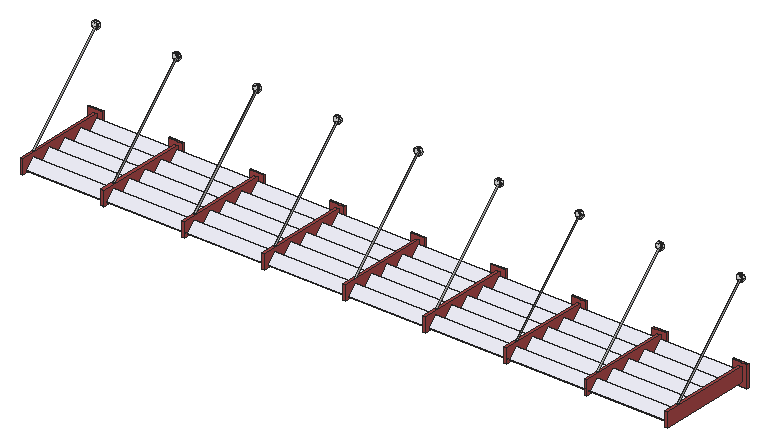
Revit family "rac_advanced_sample_family", category Generic Models, Revit 2019
Family settings
  Can host rebar = No
  Round Connector Dimension = Use Diameter
  Part Type = Normal
  Cut with Voids When Loaded = No
  Shared = No
  Room Calculation Point = No
Parameters (values of type "M_Solar_Shade_Complete")
  Window_Sill_Height [instance] = 1000 mm
  Support_Length [instance] = roundup((Shadow_Length / 1 mm) * tan(Rel_Angle)) * 1 mm  # 653 mm
  Support_Hanger [instance] = Support_Length > 400 mm  # yes
  Sun_Angle [instance] = 65.00°
  Shadow_Length [instance] = Mounting_Height - Window_Sill_Height  # 1400 mm
  Shade_Factor [instance] = if(Desired_Shading_Percent < 65, "Low", if(Desired_Shading_Percent < 79, "Med.", if(Desired_Shading_Percent < 99, "High", "Max.")))  # "Med."
  Rel_Angle [instance] = 90.00° - Sun_Angle  # 25.00°
  Number of Supports [instance] = ([built-in parameter 1001306] / Max_Support_Spacing) + 1  # 9
  Mounting_Height [instance] = 2400 mm
  Max_Support_Spacing [instance] = 600 mm
  Max Louver Spacing [instance] = Support_Length - (Support_Length * (Desired_Shading_Percent * 0.01))  # 163.25 mm
  Louver Number [instance] = (Support_Length / Max Louver Spacing) + 1  # 5
  built-in parameter 1001306 [instance] = 4500 mm
  Desired_Shading_Percent [instance] = 75
  Assembly Code = ""
Reference planes
  plane 1 "Center (Front/Back)": y = 0
  plane 2: z = 0
  plane 3 "Left": x = 0
  plane 4 "Right": x = 4500
  plane 5: z = 2400
  plane 6: y = -653
  plane 7: y = -603
  plane 8: y = -50
Lines and regions (mm)
  reference lines
    curve 1: line (0, 0, 0) -> (4500, 0, 0)
  symbolic lines, style "Overhead"
    curve 2: line (0, -653, 0) -> (4500, -653, 0)
Dimensions and locks
  "built-in parameter 1001306": plane 3 "Left" to plane 4 "Right"
  "Mounting_Height": plane 5 to level
  "Support_Length": plane 6 to plane 1 "Center (Front/Back)"
  equal spacing: group 1, group 3, group 4, group 5, group 6, group 9, group 10, group 11, group 2  (x3)
  locked: plane 6 to plane 7 at 50
  locked: plane 8 to plane 1 "Center (Front/Back)" at 50
  equal spacing: group 7, group 12, group 13, group 14, group 8  (x2)
  equal spacing: group 8, group 14, group 13, group 12, group 7
  aligned and locked: plane 4 "Right" to curve 1
  aligned and locked: plane 1 "Center (Front/Back)" to curve 1
  aligned and locked: plane 3 "Left" to curve 1
  aligned and locked: plane 1 "Center (Front/Back)" to nested 1
  aligned and locked: plane 3 "Left" to nested 1
  aligned and locked: plane 5 to nested 1
  aligned and locked: nested 2 to plane 4 "Right"
  aligned and locked: nested 2 to plane 5
  aligned and locked: plane 3 "Left" to nested 5
  aligned and locked: plane 5 to nested 5
  aligned and locked: nested 5 to plane 8
  aligned and locked: nested 8 to plane 7
  aligned and locked: plane 5 to nested 8
  aligned and locked: plane 3 "Left" to curve 2
  aligned and locked: curve 2 to plane 4 "Right"
  aligned and locked: curve 2 to plane 6
Nested families
  nested 1: "Support Beam" at (0, 0, 2400), Hanger_Visible <- "Support_Hanger", type "Hung Support"
    with Hanger_Visible yes, Support Length 653 mm
  nested 2: "Support Beam" at (4500, 0, 2400), Hanger_Visible <- "Support_Hanger", type "Hung Support"
    with Hanger_Visible yes, Support Length 653 mm
  nested 3: "Support Beam" at (562.5, 0, 2400), Hanger_Visible <- "Support_Hanger", type "Hung Support"
    with Hanger_Visible yes, Support Length 653 mm
  nested 4: "Support Beam" at (1125, 0, 2400), Hanger_Visible <- "Support_Hanger", type "Hung Support"
    with Hanger_Visible yes, Support Length 653 mm
  nested 5: "Louver" at (0, -50, 2400), type "Louver"
    with Length 4500 mm
  nested 6: "Support Beam" at (1687.5, 0, 2400), Hanger_Visible <- "Support_Hanger", type "Hung Support"
    with Hanger_Visible yes, Support Length 653 mm
  nested 7: "Support Beam" at (2250, 0, 2400), Hanger_Visible <- "Support_Hanger", type "Hung Support"
    with Hanger_Visible yes, Support Length 653 mm
  nested 8: "Louver" at (0, -603, 2400), type "Louver"
    with Length 4500 mm
  nested 9: "Support Beam" at (2812.5, 0, 2400), Hanger_Visible <- "Support_Hanger", type "Hung Support"
    with Hanger_Visible yes, Support Length 653 mm
  nested 10: "Support Beam" at (3375, 0, 2400), Hanger_Visible <- "Support_Hanger", type "Hung Support"
    with Hanger_Visible yes, Support Length 653 mm
  nested 11: "Support Beam" at (3937.5, 0, 2400), Hanger_Visible <- "Support_Hanger", type "Hung Support"
    with Hanger_Visible yes, Support Length 653 mm
  nested 12: "Louver" at (0, -188.25, 2400), type "Louver"
    with Length 4500 mm
  nested 13: "Louver" at (0, -326.5, 2400), type "Louver"
    with Length 4500 mm
  nested 14: "Louver" at (0, -464.75, 2400), type "Louver"
    with Length 4500 mm
Definition of nested family "Support Beam"
  Parameters
    Support Length = 642 mm
    Mounting Height = 2400 mm
    Hanger_Visible [instance] = yes
    Assembly Code = ""
  Reference planes
    plane 1 "Center (Front/Back)": y = 0
    plane 2: z = 0
    plane 3 "Center (Left/Right)": x = 0
    plane 4 "Left Edge": x = -10
    plane 5 "Right Edge": x = 10
    plane 6: y = -642
    plane 7: y = -542
    plane 8: z = 600
    plane 9: z = -600
    plane 10: z = -2400
  Forms (mm)
    Extrusion 1, solid
      sketch origin (0, 0, 0) x (1, 0, 0) y (0, 0, 1)
        loop
          line (-50, 75) -> (-50, -75) -> (50, -75) -> (50, 75) -> (-50, 75)
      from 0 to 10
    Extrusion 2, solid
      sketch origin (-10, 0, 0) x (0, 1, 0) y (0, 0, 1)
        loop
          line (-642, 50) -> (-642, -50) -> (0, -50) -> (0, 50) -> (-642, 50)
      from 0 to 20
    Sweep 3, solid, visible <- "Hanger_Visible"
      path origin (0, 0, 0) x (0, 1, 0) y (0, 0, 1)
        loop
          line (-542, 50) -> (0, 600)
      profile origin (0, -271, 325) x (0, -0.712268, 0.701908) y (1, 0, 0)
        loop
          circle (0, 0) r 4
    Extrusion 4, solid, visible <- "Hanger_Visible"
      sketch origin (0, 0, 0) x (1, 0, 0) y (0, 0, 1)
        loop
          circle (0, 600) r 25
      from 0 to 10
    Extrusion 5, solid, visible <- "Hanger_Visible"
      sketch origin (0, 0, 0) x (1, 0, 0) y (0, 0, 1)
        loop
          circle (0, 600) r 19
      from 0 to 15
  Lines and regions (mm)
    symbolic lines
      curve 1: line (0, 0, 0) -> (0, -542, 0)
    model lines
      curve 2: line (0, 0, 0) -> (0, 0, -2400)
  Dimensions and locks
    "Support Length": plane 6 to plane 1 "Center (Front/Back)"
    locked: plane 6 to plane 7 at 100
    locked: plane 8 to level at 600
    locked: level to plane 9 at 600
    "Mounting Height": plane 2 to plane 10
    aligned and locked: plane 1 "Center (Front/Back)" to Extrusion 2 sketch curve
    aligned and locked: plane 6 to Extrusion 2 sketch curve
    aligned and locked: Extrusion 2 to Sweep 3 sketch curve
    aligned and locked: plane 1 "Center (Front/Back)" to Sweep 3 sketch curve
    aligned and locked: plane 1 "Center (Front/Back)" to curve 1
    aligned and locked: plane 7 to curve 1
    aligned and locked: curve 1 to plane 3 "Center (Left/Right)"
    aligned and locked: plane 2 to curve 2
    aligned and locked: plane 10 to curve 2
    aligned and locked: curve 2 to plane 3 "Center (Left/Right)"
  Automatic sketch dimensions
    Extrusion 1 sketch curve to plane 4 "Left Edge" = 40 mm
    plane 5 "Right Edge" to Extrusion 1 sketch curve = 40 mm
    Extrusion 1 sketch curve to level = 75 mm
    level to Extrusion 1 sketch curve = 75 mm
    Extrusion 2 sketch curve to level = 50 mm
    level to Extrusion 2 sketch curve = 50 mm
    Sweep 3 sketch curve to plane 7 = 0 mm
    Sweep 3 sketch curve to plane 8 = 0 mm
    Sweep 3 sketch curve to plane 3 "Center (Left/Right)" = 0 mm
    Sweep 3 sketch curve to profile plane = 0 mm
    Extrusion 4 sketch curve to plane 3 "Center (Left/Right)" = 0 mm
    Extrusion 4 sketch curve to plane 8 = 0 mm
    Extrusion 5 sketch curve to plane 3 "Center (Left/Right)" = 0 mm
    Extrusion 5 sketch curve to plane 8 = 0 mm
    radius of Sweep 3 sketch curve = 4 mm
    radius of Extrusion 4 sketch curve = 25 mm
    radius of Extrusion 5 sketch curve = 19 mm
Definition of nested family "Louver"
  Parameters
    Length = 1500 mm
  Reference planes
    plane 1 "Center (Front/Back)": y = 0
    plane 2: z = 0
    plane 3 "Center (Left/Right)": x = 0
    plane 4: x = 1500
  Forms (mm)
    Extrusion 1, solid
      sketch origin (0, 0, 0) x (0, 1, 0) y (0, 0, 1)
        loop
          line (-30.052, -30.052) -> (-22.981, -37.123) -> (37.123, 22.981) -> (30.052, 30.052) -> (-30.052, -30.052)
      from 0 to 1500
  Dimensions and locks
    "Length": plane 3 "Center (Left/Right)" to plane 4
    aligned and locked: plane 4 to Extrusion 1
  Automatic sketch dimensions
    plane 1 "Center (Front/Back)" to Extrusion 1 sketch curve = 30.052 mm
    Extrusion 1 sketch curve to Extrusion 1 sketch curve = 60.104 mm
    Extrusion 1 sketch curve to Extrusion 1 sketch curve = 7.071 mm  (x2)
    Extrusion 1 sketch curve to level = 37.123 mm
